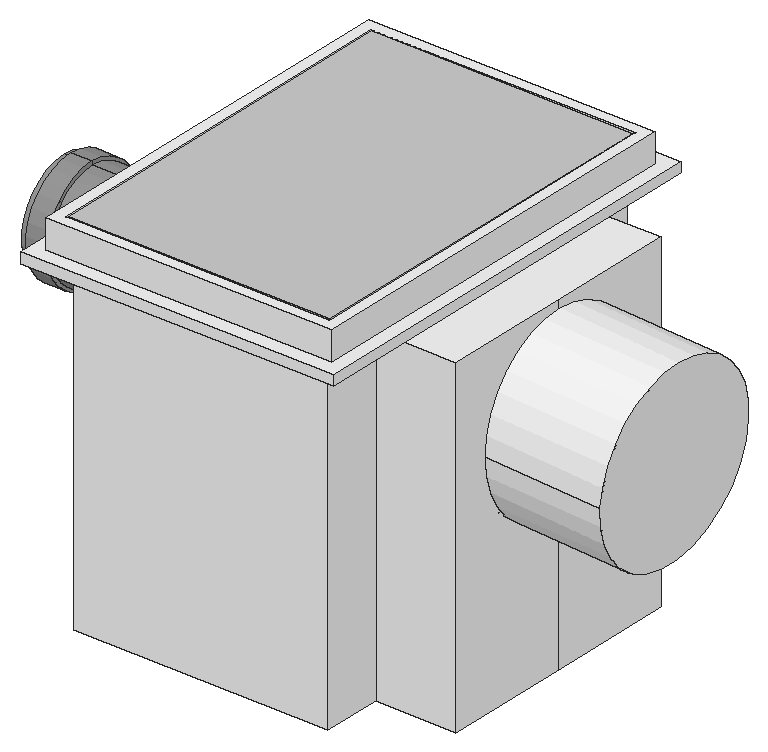
Revit family "HL_RU_Basement drain_HL71.1_50-A-171212", category Instalační zařizovací předměty, Revit 2021
Family settings
  Kóta kulaté spojky = Použít průměr
  Typ dílu = Normální
  Číslo OmniClass = 23.70.50.21.24.14
  Nadpis OmniClass = Deck Waste Water Drains
  Založené na pracovní rovině = Ne
  Vždy vertikální = Ano
  Ořezat dutým tvarem při načtení = Ne
  Sdílené = Ano
  Bod výpočtu místnosti = Ano
Parameters (values of type "HL-Трап для подвалов-HL71.1-50")
  РЕШЁТКА = "155x225 mm/ ABS"
  РАЗМЕР = "DN110"
  ПРОПУСКНАЯ СПОСОБНОСТЬ [instance] = 0.0 L/s
  ПРОИЗВОДИТЕЛЬНОСТЬ = "2,3 l/s"
  ПРИЁМНОЕ ОТВЕРСТИЕ = "DN50"
  ПРАВОВАЯ ИНФОРМАЦИЯ = "\"Авторские права(©), права на дизайн или какие либо другие права интелектуальной собственности являются исключительной собственностью компании HL Hutterer & Lechner. Изменению не подлежит. Файл семейства с данными о прозводителе изделия защищен паролем с водяным знаком.\""
  ПАДЕНИЕ ДАВЛЕНИЯ [instance] = 0.0 Pa
  НОМИНАЛЬНЫЙ ДИАМЕТР 2 [instance] = 50 mm
  НОМИНАЛЬНЫЙ ДИАМЕТР = 110 mm
  НАСАДКА = "170x240 mm"
  МАТЕРИАЛ = "ABS"
  МАКСИМАЛЬНАЯ НАГРУЗКА КЛАССА = "K3 - 300 kg"
  ВЫСОТА МОНТАЖА = "220 mm"
  ВЕС = "1,43 kg"
  Výchozí výška = 0 mm
  Přípoj ventilace = no
  Výrobce = "HL Hutterer & Lechner GmbH"
  URL = "http://www.hutterer-lechner.com/ru/products/catalog/roof-drains/HL71.1/50.aspx"
  Přípoj odpadních dílů = yes
  Přípoj HW = no
  Popis = "Трап для подвалов"
  Model = "HL71.1_50"
  Komentáře k typům = "Трап для подвалов DN110 горизонтальный с входным отверстием DN50, 170х240мм/155х225мм синтетический материал"
  Keynote = "HL71.1_50"
  Высота монтажа [instance] = 0 mm
  Přípoj CW = no
  FO [instance] = FI1 + ПРОПУСКНАЯ СПОСОБНОСТЬ  # 0.0 L/s
  FI1 [instance] = 0.0 L/s
  EAN = "9003076711505"
  D2 [instance] = 170 mm
  D1 [instance] = 192.3 mm
  D [instance] = Высота монтажа + 56.6 mm  # 56.6 mm
  C [instance] = Высота монтажа + 80 mm  # 80 mm
  B [instance] = Высота монтажа + 86.1 mm  # 86.1 mm
  A [instance] = if(B - 100 mm > 15 mm, B - 100 mm, 15 mm)  # 15 mm
Reference planes
  plane 1 "Center (Front/Back)": y = 0
  plane 2: z = 0
  plane 3 "Center (Left/Right)": x = 0
  plane 4 "Ball Joint Vertical": x = 25.45
  plane 5: z = 0
  plane 6: z = -86.1
Lines and regions (mm)
  model lines, style "InvisibleLines"
    curve 1: line (0, 0, 0) -> (0, 0, 560)
  reference lines
    curve 2: line (162.3, 0, -86.1) -> (192.3, 0, -86.1)
    curve 6: line (-39, 0, -80) -> (-170, 0, -80)
  model lines, detail levels coarse+medium
    curve 3: line (0, 0, -86.1) -> (0, 0, -71.1)
    curve 4: line (0, 0, -71.1) -> (71.1, 0, 0)
    curve 5: line (0, 0, -71.1) -> (-71.1, 0, 0)
    curve 7: line (0, 0, -86.1) -> (192.3, 0, -86.1)
  symbolic lines, style "PlumbingFixtures", detail levels coarse+medium
    curve 8: line (-75, 75, 0) -> (75, 75, 0)
    curve 9: line (-75, -75, 0) -> (-75, 75, 0)
    curve 10: line (75, -75, 0) -> (-75, -75, 0)
    curve 11: line (75, 75, 0) -> (75, -75, 0)
    curve 12: line (-75, 75, 0) -> (-145.711, 145.711, 0)
    curve 13: line (75, 75, 0) -> (145.711, 145.711, 0)
    curve 14: line (-75, -75, 0) -> (-145.711, -145.711, 0)
    curve 15: line (75, -75, 0) -> (145.711, -145.711, 0)
  symbolic lines, style "PlumbingFixtures", not visible, detail levels coarse+medium
    curve 16: line (-75, 75, 0) -> (75, 75, 0)
    curve 17: line (-75, -75, 0) -> (-75, 75, 0)
    curve 18: line (75, -75, 0) -> (-75, -75, 0)
    curve 19: line (75, 75, 0) -> (75, -75, 0)
    curve 20: line (-75, 75, 0) -> (-145.711, 145.711, 0)
    curve 21: line (75, 75, 0) -> (145.711, 145.711, 0)
    curve 22: line (-75, -75, 0) -> (-145.711, -145.711, 0)
    curve 23: line (75, -75, 0) -> (145.711, -145.711, 0)
Text (mm)
  text "FLOOR" at (-198.233, 0, -26.556), in view "вид строительства"
Dimensions and locks
  locked: plane 4 "Ball Joint Vertical" to plane 3 "Center (Left/Right)" at 25.45
  "Высота монтажа": plane 2 to plane 5
  "A": curve 5 to plane 6
  "B": curve 5 to plane 6
  "B": curve 4 to plane 6
  "B": plane 2 to plane 6
  "C": plane 2 to curve 6
  "B": plane 2 to curve 7
  "D2": plane 3 "Center (Left/Right)" to curve 6
  "D1": curve 2 to plane 3 "Center (Left/Right)"
  "D1": curve 7 to plane 3 "Center (Left/Right)"
  locked: curve 4 to plane 3 "Center (Left/Right)" (angle 45.00°)
  locked: plane 3 "Center (Left/Right)" to curve 5 (angle 45.00°)
  aligned and locked: level to plane 2
  aligned and locked: plane 2 to curve 1
  aligned and locked: plane 3 "Center (Left/Right)" to curve 1
  aligned and locked: plane 3 "Center (Left/Right)" to curve 5
  aligned and locked: curve 2 to plane 6
  aligned and locked: plane 3 "Center (Left/Right)" to nested 1
  aligned and locked: plane 5 to nested 1
  aligned and locked: plane 2 to nested 2
Automatic sketch dimensions
  level to curve 1 = 560 mm
  curve 6 to plane 3 "Center (Left/Right)" = 39 mm
  curve 2 to curve 2 = 30 mm
Nested families
  nested 1: "HL-Трап для подвалов-HL71.1-50" at (0, 0, 0), type "HL-Трап для подвалов-HL71.1-50"
  nested 2: "HL-Решетка для сливного отверстия из пластмассы-HL071.1E" at (0, 0, 0), type "HL-Решетка для сливного отверстия из пластмассы-HL071.1E"
Connectors
  piping at (192.3, 0, -86.1), diameter 110, driven by "НОМИНАЛЬНЫЙ ДИАМЕТР", driven by "FO"
    settings: on curve 2, index 1, connector inside diameter 609.6 mm, connector length 0 mm, flow factor 0, pipe flow 0.0 L/s, pressure drop 0.0 Pa, fitting loss kfactor 0, connector angle 0.00°, fixture units 0, engagement length 0 mm, angle of deflection 0.00°, flow configuration 1, flow direction 2, fitting loss method 0, system type 16, joint type 0, gender type 0, connector reference index 2, connector utility 0, adjustable connector yes, is connector primary no, connector description ""
  piping at (-170, 0, -80), diameter 50, driven by "НОМИНАЛЬНЫЙ ДИАМЕТР 2", driven by "FI1"
    settings: on curve 6, index 2, connector inside diameter 609.6 mm, connector length 0 mm, flow factor 1, pipe flow 0.0 L/s, pressure drop 0.0 Pa, fitting loss kfactor 0, connector angle 0.00°, fixture units 0, engagement length 0 mm, angle of deflection 0.00°, flow configuration 2, flow direction 1, fitting loss method 0, system type 16, joint type 0, gender type 0, connector reference index 1, connector utility 0, adjustable connector yes, is connector primary yes, connector description ""
Definition of nested family "HL-Трап для подвалов-HL71.1-50"
  Parameters (values of type "HL-Трап для подвалов-HL71.1-50")
    Manufacturer = ""
    Default Elevation = 0 mm
    URL = ""
    Description = ""
    Model = ""
    Type Comments = ""
    Cost = 0
  Reference planes
    plane 1 "Střed (vpředu/vzadu)": y = 0
    plane 2: z = 0
    plane 3 "Střed (vlevo/vpravo)": x = 0
  Forms (mm)
    Extrusion 1, solid, detail levels fine
      sketch origin (24, 0, 0) x (-1, 0, 0) y (0, -1, 0)
        loop
          line (-61, 120) -> (-61, -120) -> (109, -120) -> (109, 120) -> (-61, 120)
        loop
          line (102.5, -113.5) -> (102.5, 113.5) -> (-54.5, 113.5) -> (-54.5, -113.5) -> (102.5, -113.5)
      from 0 to -17
    Extrusion 2, solid, detail levels fine
      sketch origin (24, 0, -17) x (0, -1, 0) y (-1, 0, 0)
        loop
          line (129, -69) -> (129, 117) -> (-129, 117) -> (-129, -69) -> (129, -69)
      from 0 to 6
    Extrusion 3, solid, detail levels fine
      sketch origin (24, 0, -23) x (1, 0, 0) y (0, -1, 0)
        loop
          line (99.5, -76) -> (99.5, 0) -> (99.5, 76) -> (51.5, 76) -> (51.5, 111) -> (-99.5, 111) -> (-99.5, 0) -> (-99.5, -111) -> (51.5, -111) -> (51.5, -76) -> (99.5, -76)
      from 0 to 197
    Sweep 4, solid, detail levels fine
      path origin (24, 0, 0) x (-1, 0, 0) y (0, 0, 1)
        loop
          line (-171.157, -31.169) -> (-99.5, -27.413)
      profile origin (159.329, 0, -29.291) x (0.052336, 0, 0.99863) y (0, 1, 0)
        loop
          circle (-55, 0) r 55
    Revolve 5, solid, detail levels fine
      sketch origin (24, 0, 0) x (-1, 0, 0) y (0, 0, 1)
        loop
          line (194, -80) -> (194, -48.5) -> (190, -48.5) -> (190, -46.493) -> (177.5, -46.493) -> (177.5, -48.5) -> (122.04, -48.5) -> (122.04, -42.389) -> (99.5, -42.389) -> (99.5, -80) -> (194, -80)
        axis (194, -80) -> (99.5, -80)
      angle from 0 to 360
  Dimensions and locks
    aligned and locked: level to plane 2
Definition of nested family "HL-Решетка для сливного отверстия из пластмассы-HL071.1E"
  Parameters
    РАЗМЕР = "155x225mm"
    ПРАВОВАЯ ИНФОРМАЦИЯ = "\"Copyright (©), design rights or any other intellectual property rights, shall be the exclusive property of HL Hutterer & Lechner GmbH. Modification is not allowed. Family has been watermarked.\""
    МАТЕРИАЛ = "ABS"
    МАКСИМАЛЬНАЯ НАГРУЗКА КЛАССА = "K3 - 300kg"
    ВЕС = "0,28 kg"
    Manufacturer = "HL Hutterer & Lechner GmbH"
    Default Elevation = 0 mm
    URL = "http://www.hutterer-lechner.com/en/products/catalog/roof-drains/HL071.1E.aspx"
    Description = "Attachments"
    Model = "HL071.1E"
    Type Comments = "plastic grate 155x225mm"
    Keynote = "HL071.1E"
    EAN = "9003076007110"
    Cost = 0
  Types (2, lengths in mm): name | ПРАВОВАЯ ИНФОРМАЦИЯ | URL | Description | Type Comments
    (no name) | "\"Copyright (©), design rights or any other intellectual property rights, shall be the exclusive property of HL Hutterer & Lechner GmbH. Modification is not allowed. Family has been watermarked.\"" | "http://www.hutterer-lechner.com/en/products/catalog/roof-drains/HL071.1E.aspx" | "Attachments" | "plastic grate 155x225mm"
    HL_Решетка для сливного отверстия из пластмассы_HL071.1E | "\"Авторские права(©), права на дизайн или какие либо другие права интелектуальной собственности являются исключительной собственностью компании HL Hutterer & Lechner. Изменению не подлежит. Файл семейства с данными о прозводителе изделия защищен паролем с водяным знаком.\"" | "http://www.hutterer-lechner.com/ru/products/catalog/roof-drains/HL071.1E.aspx" | "Вспомогательные материалы" | "Решетка для сливного отверстия из пластмассы 155х225м"
  Reference planes
    plane 1 "Střed (vpředu/vzadu)": y = 0
    plane 2: z = 0
    plane 3 "Střed (vlevo/vpravo)": x = 0
  Forms (mm)
    Extrusion 1, solid, detail levels fine
      sketch origin (0, 0, 0) x (1, 0, 0) y (0, 1, 0)
        loop
          line (77.5, -112.5) -> (77.5, 112.5) -> (-77.5, 112.5) -> (-77.5, -112.5) -> (77.5, -112.5)
      from 0 to -20
  Lines and regions (mm)
    model lines, detail levels fine
      curve 1: line (59, -95, 0) -> (51, -95, 0)
      curve 2: line (59, -45, 0) -> (59, -95, 0)
      curve 3: line (51, -45, 0) -> (59, -45, 0)
      curve 4: line (51, -95, 0) -> (51, -45, 0)
      curve 5: line (37, -95, 0) -> (29, -95, 0)
      curve 6: line (37, -7, 0) -> (37, -95, 0)
      curve 7: line (29, -7, 0) -> (37, -7, 0)
      curve 8: line (29, -95, 0) -> (29, -7, 0)
      curve 9: line (15, -95, 0) -> (7, -95, 0)
      curve 10: line (15, -7, 0) -> (15, -95, 0)
      curve 11: line (7, -7, 0) -> (15, -7, 0)
      curve 12: line (7, -95, 0) -> (7, -7, 0)
      curve 13: line (59, -35, 0) -> (51, -35, 0)
      curve 14: line (59, 35, 0) -> (59, -35, 0)
      curve 15: line (51, 35, 0) -> (59, 35, 0)
      curve 16: line (51, -35, 0) -> (51, 35, 0)
      curve 17: line (59, 45, 0) -> (51, 45, 0)
      curve 18: line (59, 95, 0) -> (59, 45, 0)
      curve 19: line (51, 95, 0) -> (59, 95, 0)
      curve 20: line (51, 45, 0) -> (51, 95, 0)
      curve 21: line (37, 7, 0) -> (29, 7, 0)
      curve 22: line (37, 95, 0) -> (37, 7, 0)
      curve 23: line (29, 95, 0) -> (37, 95, 0)
      curve 24: line (29, 7, 0) -> (29, 95, 0)
      curve 25: line (15, 7, 0) -> (7, 7, 0)
      curve 26: line (15, 95, 0) -> (15, 7, 0)
      curve 27: line (7, 95, 0) -> (15, 95, 0)
      curve 28: line (7, 7, 0) -> (7, 95, 0)
      curve 29: line (-59, -95, 0) -> (-51, -95, 0)
      curve 30: line (-59, -45, 0) -> (-59, -95, 0)
      curve 31: line (-51, -45, 0) -> (-59, -45, 0)
      curve 32: line (-51, -95, 0) -> (-51, -45, 0)
      curve 33: line (-37, -95, 0) -> (-29, -95, 0)
      curve 34: line (-37, -7, 0) -> (-37, -95, 0)
      curve 35: line (-29, -7, 0) -> (-37, -7, 0)
      curve 36: line (-29, -95, 0) -> (-29, -7, 0)
      curve 37: line (-15, -95, 0) -> (-7, -95, 0)
      curve 38: line (-15, -7, 0) -> (-15, -95, 0)
      curve 39: line (-7, -7, 0) -> (-15, -7, 0)
      curve 40: line (-7, -95, 0) -> (-7, -7, 0)
      curve 41: line (-59, -35, 0) -> (-51, -35, 0)
      curve 42: line (-59, 35, 0) -> (-59, -35, 0)
      curve 43: line (-51, 35, 0) -> (-59, 35, 0)
      curve 44: line (-51, -35, 0) -> (-51, 35, 0)
      curve 45: line (-59, 45, 0) -> (-51, 45, 0)
      curve 46: line (-59, 95, 0) -> (-59, 45, 0)
      curve 47: line (-51, 95, 0) -> (-59, 95, 0)
      curve 48: line (-51, 45, 0) -> (-51, 95, 0)
      curve 49: line (-37, 7, 0) -> (-29, 7, 0)
      curve 50: line (-37, 95, 0) -> (-37, 7, 0)
      curve 51: line (-29, 95, 0) -> (-37, 95, 0)
      curve 52: line (-29, 7, 0) -> (-29, 95, 0)
      curve 53: line (-15, 7, 0) -> (-7, 7, 0)
      curve 54: line (-15, 95, 0) -> (-15, 7, 0)
      curve 55: line (-7, 95, 0) -> (-15, 95, 0)
      curve 56: line (-7, 7, 0) -> (-7, 95, 0)
  Dimensions and locks
    aligned and locked: level to plane 2
